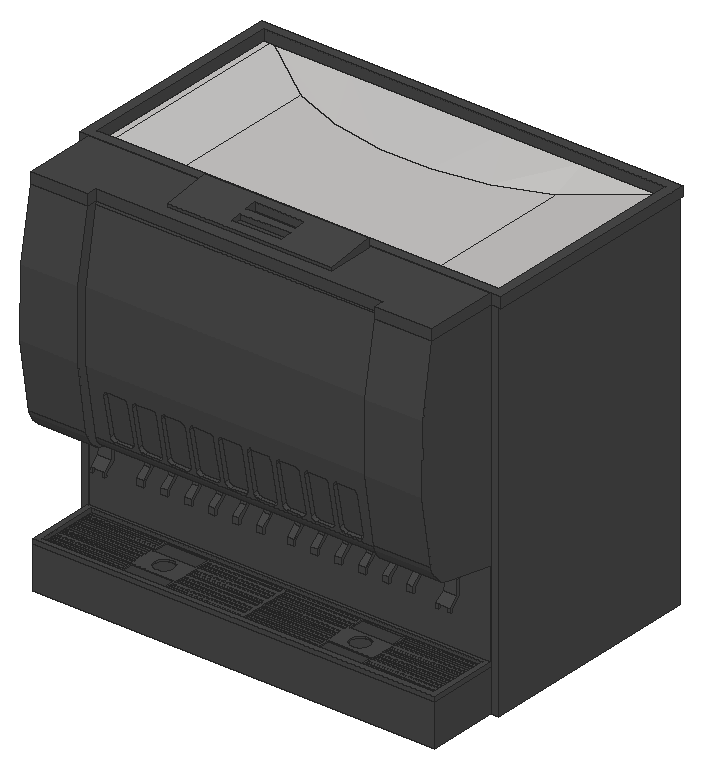
Revit family "QF_LANCER_SENSATION44", category Specialty Equipment, Revit 2015 (continued)
Automatic sketch dimensions
  Extrusion 39 sketch curve to Extrusion 39 sketch curve = 0.23614"
  Extrusion 39 sketch curve to Extrusion 39 sketch curve = 0.38261"
  Extrusion 39 sketch curve to Extrusion 39 sketch curve = 0.24654"
  level to Extrusion 39 sketch curve = 9.58614"
  Extrusion 39 sketch curve to Extrusion 39 sketch curve = 0.44151"
  Extrusion 39 sketch curve to Extrusion 39 sketch curve = 0.19151"
  Extrusion 39 sketch curve to Extrusion 39 sketch curve = 0.83807"
  Extrusion 39 sketch curve to Extrusion 39 sketch curve = 0.12821"
  Extrusion 39 sketch curve to Extrusion 39 sketch curve = 3.07261"
  Extrusion 39 sketch curve to Extrusion 39 sketch curve = 0.04347"
  Extrusion 40 sketch curve to Extrusion 40 sketch curve = 0.33613"  (x2)
  Extrusion 40 sketch curve to Extrusion 40 sketch curve = 0.28359"  (x4)
  Extrusion 40 sketch curve to Extrusion 40 sketch curve = 0.65003"  (x4)
  Extrusion 40 sketch curve to Extrusion 40 sketch curve = 0.93152"  (x2)
  Extrusion 40 sketch curve to Extrusion 40 sketch curve = 0.99215"  (x2)
  level to Extrusion 40 sketch curve = 9.26351"  (x2)
  Extrusion 40 sketch curve to Extrusion 40 sketch curve = 0.51096"  (x4)
  Extrusion 40 sketch curve to Extrusion 40 sketch curve = 0.4447"  (x2)
  Extrusion 40 sketch curve to Extrusion 40 sketch curve = 4.04434"  (x2)
  Extrusion 40 sketch curve to Extrusion 40 sketch curve = 0.00"  (x2)
  level to Extrusion 41 sketch curve = 13.86608"
  Extrusion 41 sketch curve to Extrusion 41 sketch curve = 1.50"
  Extrusion 42 sketch curve to plane 5 "FRONT" = 4.80021"
  Extrusion 42 sketch curve to Extrusion 42 sketch curve = 0.1607"
  Extrusion 42 sketch curve to Extrusion 42 sketch curve = 0.92333"
  Extrusion 42 sketch curve to Extrusion 42 sketch curve = 0.23614"
  Extrusion 42 sketch curve to Extrusion 42 sketch curve = 0.38261"
  Extrusion 42 sketch curve to Extrusion 42 sketch curve = 0.24654"
  level to Extrusion 42 sketch curve = 14.11002"
  Extrusion 42 sketch curve to Extrusion 42 sketch curve = 0.04347"
  Extrusion 42 sketch curve to Extrusion 42 sketch curve = 3.07261"
  Extrusion 42 sketch curve to Extrusion 42 sketch curve = 0.12821"
  Extrusion 42 sketch curve to Extrusion 42 sketch curve = 0.77477"
  Extrusion 42 sketch curve to Extrusion 42 sketch curve = 0.19151"
  Extrusion 42 sketch curve to Extrusion 42 sketch curve = 0.44151"
  Extrusion 43 sketch curve to Extrusion 43 sketch curve = 2.75"
  Extrusion 43 sketch curve to level = 13.86608"
  Extrusion 43 sketch curve to Extrusion 43 sketch curve = 1.50"
  Extrusion 44 sketch curve to Extrusion 44 sketch curve = 0.50"  (x43)
  Extrusion 44 sketch curve to Extrusion 44 sketch curve = 1.50"  (x16)
  plane 7 "Center Y" to Extrusion 44 sketch curve = 0.75"  (x2)
  Extrusion 44 sketch curve to Extrusion 44 sketch curve = 4.25"  (x3)
  Extrusion 44 sketch curve to Extrusion 44 sketch curve = 0.00"  (x6)
  Extrusion 45 sketch curve to Extrusion 4 = 0.39663"
  Extrusion 45 sketch curve to Extrusion 4 = 1.375"
  Extrusion 45 sketch curve to Extrusion 45 sketch curve = 1.12144"  (x2)
  Extrusion 45 sketch curve to Extrusion 45 sketch curve = 0.75095"
  Extrusion 45 sketch curve to Extrusion 4 = 1.4041"
  Extrusion 4 to Extrusion 45 sketch curve = 6.43322"
  Extrusion 45 sketch curve to Extrusion 45 sketch curve = 5.94178"  (x2)
  Extrusion 45 sketch curve to Extrusion 45 sketch curve = 0.00"  (x2)
  Extrusion 45 sketch curve to Extrusion 45 sketch curve = 5.25"
  plane 6 "TOP" to Extrusion 46 sketch curve = 0.26934"
  Extrusion 46 sketch curve to plane 5 "FRONT" = 1.89408"
  Extrusion 46 sketch curve to Extrusion 46 sketch curve = 1.25"
  plane 6 "TOP" to Extrusion 46 sketch curve = 1.03479"
  Extrusion 46 sketch curve to Extrusion 46 sketch curve = 5.44647"
  Extrusion 12 sketch curve to Extrusion 10 = 0.00"  (x3)
  Extrusion 10 to Extrusion 12 sketch curve = 0.00"
  Extrusion 10 to Extrusion 12 sketch curve = 0.1994"  (x26)
  Extrusion 10 to Extrusion 12 sketch curve = 0.86462"
  Extrusion 12 sketch curve to Extrusion 12 sketch curve = 7.625"  (x3)
  Extrusion 10 to Extrusion 12 sketch curve = 0.11462"  (x12)
  Extrusion 12 sketch curve to Extrusion 12 sketch curve = 0.00"  (x56)
  Extrusion 12 sketch curve to Extrusion 12 sketch curve = 0.17744"  (x14)
  Extrusion 12 sketch curve to Extrusion 12 sketch curve = 2.4256"  (x2)
  Extrusion 12 sketch curve to Extrusion 12 sketch curve = 2.24816"  (x4)
  Extrusion 10 to Extrusion 12 sketch curve = 2.86462"  (x2)
  Extrusion 10 to Extrusion 12 sketch curve = 0.36462"  (x2)
  Extrusion 12 sketch curve to Extrusion 12 sketch curve = 0.39881"  (x12)
  Extrusion 12 sketch curve to Extrusion 12 sketch curve = 0.25"  (x92)
  Extrusion 12 sketch curve to Extrusion 12 sketch curve = 0.125"  (x2)
  Extrusion 41 sketch curve to Extrusion 41 sketch curve = 2.75"
  Extrusion 44 sketch curve to plane 7 "Center Y" = 0.75"
  Extrusion 8 sketch curve to Extrusion 8 sketch curve = 0.75"  (x2)
  plane 3 "LEFT" to Extrusion 9 sketch curve = 1.50"
  Extrusion 9 sketch curve to Extrusion 9 sketch curve = 0.50"  (x2)
  plane 3 "LEFT" to Extrusion 10 sketch curve = 1.50"
  Extrusion 10 sketch curve to Extrusion 10 sketch curve = 0.50"  (x2)
  plane 3 "LEFT" to Extrusion 40 sketch curve = 5.069"
  plane 3 "LEFT" to Extrusion 41 sketch curve = 2.5782"
  plane 4 "RIGHT" to Extrusion 9 sketch curve = 1.50"
  plane 4 "RIGHT" to Extrusion 10 sketch curve = 1.50"
  plane 4 "RIGHT" to Extrusion 40 sketch curve = 5.069"
  Extrusion 43 sketch curve to plane 4 "RIGHT" = 2.5782"
  Extrusion 8 to Extrusion 47 sketch curve = 21.00"
  Extrusion 47 sketch curve to Extrusion 47 sketch curve = 0.00"  (x2)
  Extrusion 47 sketch curve to Extrusion 47 sketch curve = 1.89624"
  Extrusion 47 sketch curve to Extrusion 47 sketch curve = 0.75"
  plane 1 "BACK" to Extrusion 5 sketch curve = 0.00"
  Extrusion 5 sketch curve to plane 4 "RIGHT" = 0.00"
  Extrusion 5 sketch curve to plane 3 "LEFT" = 0.00"
  plane 4 "RIGHT" to Extrusion 5 sketch curve = 1.00"
  plane 3 "LEFT" to Extrusion 5 sketch curve = 1.00"
  plane 1 "BACK" to Extrusion 5 sketch curve = 1.00"
  Extrusion 5 sketch curve to plane 8 "Center X" = 7.185"
  Extrusion 5 sketch curve to Extrusion 5 sketch curve = 1.00"
  plane 1 "BACK" to curve 3 = 0.00"
  curve 3 to plane 3 "LEFT" = 0.00"
  plane 3 "LEFT" to curve 26 = 1.00"
  curve 7 to curve 25 = 0.00"
  curve 30 to plane 5 "FRONT" = 0.71052"
  curve 27 to curve 30 = 6.00"
  curve 5 to curve 38 = 6.93608"
  curve 14 to plane 5 "FRONT" = 2.11462"
  curve 28 to curve 14 = 6.43322"
  curve 17 to plane 7 "Center Y" = 2.625"
  curve 22 to curve 18 = 0.00"
  curve 35 to plane 7 "Center Y" = 0.75725"
  plane 7 "Center Y" to curve 21 = 2.625"
  curve 20 to curve 21 = 0.00"
  curve 23 to curve 13 = 5.94178"
  plane 1 "BACK" to curve 37 = 4.81429"
  plane 4 "RIGHT" to curve 37 = 9.4408"
  plane 5 "FRONT" to curve 29 = 1.7779"
  plane 4 "RIGHT" to curve 29 = 7.00"
  plane 4 "RIGHT" to curve 8 = 1.00"
  plane 4 "RIGHT" to curve 33 = 1.00"
  plane 4 "RIGHT" to curve 3 = 0.25"
  plane 5 "FRONT" to curve 28 = 1.7779"
  curve 23 to plane 5 "FRONT" = 3.1208"
  curve 23 to curve 24 = 1.12144"
  curve 21 to curve 19 = 0.75095"
  curve 18 to curve 18 = 1.12144"
  curve 13 to curve 16 = 4.97837"
  curve 1 to plane 5 "FRONT" = 7.38"
  curve 32 to curve 8 = 1.00"
  curve 10 to plane 8 "Center X" = 4.73034"
  plane 1 "BACK" to curve 38 = 4.81902"
  plane 1 "BACK" to curve 5 = 1.00"
  curve 6 to curve 9 = 0.75"
  curve 9 to curve 39 = 0.38015"
  curve 9 to curve 10 = 0.57188"
  curve 11 to curve 7 = 1.46045"
  curve 36 to curve 5 = 1.22284"
  curve 36 to curve 12 = 0.47284"
  plane 5 "FRONT" to curve 31 = 0.80805"
  plane 5 "FRONT" to curve 34 = 0.31694"
  plane 5 "FRONT" to curve 27 = 0.31694"
  curve 11 to plane 8 "Center X" = 4.73073"
  curve 40 to curve 10 = 0.00"
  Extrusion 11 to Extrusion 48 sketch curve = 3.23443"
  Extrusion 11 to Extrusion 48 sketch curve = 20.50"
  radius of Extrusion 12 sketch curve = 1.00"  (x2)
  radius of Extrusion 47 sketch curve = 0.50"
  radius of Extrusion 47 sketch curve = 0.1875"  (x2)
  radius of Extrusion 48 sketch curve = 0.75"
Connectors (in)
  electrical at (22, 0.13, 19.69), driven by "Volts", driven by "Watts", driven by "Watts"
    settings: on Extrusion 47, index 1, voltage 115 V, apparent load 690 VA, apparent load phase1 690 VA, apparent load phase2 0 VA, apparent load phase3 0 VA, power factor 1, load classification "Other", number of poles 1, system type 30, power factor state 1, is connector primary yes, connector utility no, sub classification motor no, connector description "ELECTRICAL CONNECTION"
  piping at (22, 0.13, 17.79376), diameter 0.375, driven by "Cold Water Flow", driven by "Cold Water Size"
    settings: on Extrusion 47, index 2, connector inside diameter 24", connector length 0.00", flow factor 0, pipe flow 0 GPM, pressure drop 0.00 psi, fitting loss kfactor 0, connector angle 0.00°, fixture units 0, engagement length 0.00", angle of deflection 0.00°, flow configuration 1, flow direction 1, fitting loss method 0, system type 20, joint type 0, gender type 0, connector reference index -1, connector utility 0, adjustable connector no, is connector primary yes, connector description "SODA INLET"
  piping at (22, 0.13, 17.04376), diameter 0.375, driven by "Cold Water Flow", driven by "Cold Water Size"
    settings: on Extrusion 47, index 3, connector inside diameter 24", connector length 0.00", flow factor 0, pipe flow 0 GPM, pressure drop 0.00 psi, fitting loss kfactor 0, connector angle 0.00°, fixture units 0, engagement length 0.00", angle of deflection 0.00°, flow configuration 1, flow direction 1, fitting loss method 0, system type 20, joint type 0, gender type 0, connector reference index -1, connector utility 0, adjustable connector no, is connector primary no, connector description "SYRUP INLET"
  piping at (22, -27.38519, 0), diameter 1.5, driven by "Indirect Waste Size"
    settings: on cut or joined group of Extrusion 11, Extrusion 48, index 4, connector inside diameter 24", connector length 0.00", flow factor 0, pipe flow 0 GPM, pressure drop 0.00 psi, fitting loss kfactor 0, connector angle 0.00°, fixture units 0, engagement length 0.00", angle of deflection 0.00°, flow configuration 1, flow direction 1, fitting loss method 0, system type 16, joint type 0, gender type 0, connector reference index -1, connector utility 0, adjustable connector no, is connector primary no, connector description "DRAIN"
